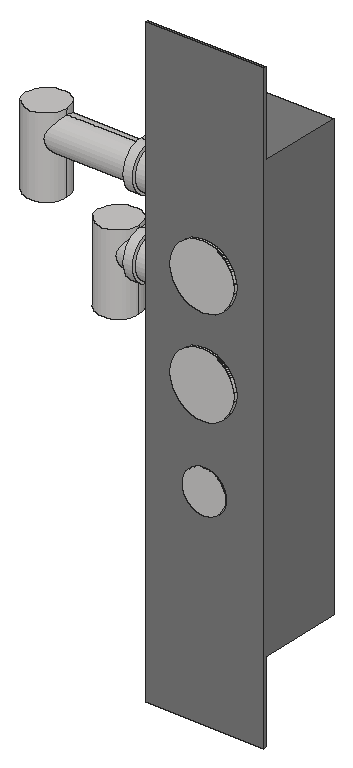
Revit family "5300", category Generic Models, Revit 2021
Family settings
  Can host rebar = No
  Round Connector Dimension = Use Diameter
  Part Type = Normal
  Work Plane-Based = No
  Always vertical = Yes
  Cut with Voids When Loaded = No
  Shared = No
  Room Calculation Point = No
Parameters
  e-mail = "info@vola.com"
  URL = "http://vola.com"
  Telephone = "+45 7023 5500"
  Quality management standard = "ISO 9001"
  Organisation no. / DUNS no. = "17531328"
  Occupational health and safety management standard = "ISO 18001"
  Mounting Instructions = "http://vola.com/service/producturl.ashx?name=5300"
  Model = "5300"
  Materials and components information = "http://vola.com/service/producturl.ashx?name=5300"
  Manufacturer = "VOLA A/S"
  Maintenance Instructions = "http://vola.com/service/producturl.ashx?name=5300"
  Guarantee = "2 years"
  Flow = "43,00 l/min"
  Environmental management standard = "ISO 14000"
  Default Elevation = 0.00 mm
  Connection - All relevant connections = ""
  Approvals = "http://vola.com/service/producturl.ashx?name=5300"
Reference planes
  plane 1 "Center (Front/Back)": y = 0
  plane 2: z = 0
  plane 3 "Center (Left/Right)": x = 0
  plane 4 "Front Plane": y = -72.5
  plane 5 "Inlet Center Plane": y = -25
  plane 6: x = 26.42
Forms (mm)
  Extrusion 1, solid, material "Stainless Steel"
    sketch origin (95.42, 0, 132) x (0, 0, 1) y (-1, 0, 0)
      loop
        circle (39, 69) r 26
    from 70.5 to 72.5
  Extrusion 2, solid, material "Default"
    sketch origin (95.42, 0, 39) x (0, 0, 1) y (0, 1, 0)
      loop
        line (-127.5, 0) -> (-127.5, -68) -> (230.5, -68) -> (230.5, 0) -> (-127.5, 0)
    from 21.5 to 116.5
  Extrusion 3, solid, material "Default"
    sketch origin (95.42, 0, 39) x (0, 0, 1) y (0, 1, 0)
      loop
        line (-192.5, -68) -> (-192.5, -70.5) -> (298, -70.5) -> (298, -68) -> (-192.5, -68)
    from 21.5 to 116.5
  Extrusion 4, solid, material "Stainless Steel"
    sketch origin (-21.08, -2.5, 215) x (0, 0, -1) y (0, -1, 0)
      loop
        circle (12, 25) r 16.5
    from 0 to 29.77
  Extrusion 5, solid, material "Stainless Steel"
    sketch origin (-21.08, -2.5, 151) x (0, 0, -1) y (0, -1, 0)
      loop
        circle (12, 25) r 16.5
    from 0 to 29.77
  Extrusion 6, solid, material "Stainless Steel"
    sketch origin (-50.85, -2.5, 215) x (0, 0, -1) y (0, -1, 0)
      loop
        circle (12, 25) r 18.5
    from 0 to 7.73
  Extrusion 7, solid, material "Stainless Steel"
    sketch origin (-50.85, -2.5, 151) x (0, 0, -1) y (0, -1, 0)
      loop
        circle (12, 25) r 18.5
    from 0 to 7.73
  Extrusion 8, solid, material "Stainless Steel"
    sketch origin (-58.58, -2.5, 215) x (0, 0, -1) y (0, -1, 0)
      loop
        circle (12, 25) r 14
    from 0 to 76.5
  Extrusion 9, solid, material "Stainless Steel"
    sketch origin (-58.58, -2.5, 151) x (0, 0, -1) y (0, -1, 0)
      loop
        circle (12, 25) r 14
    from 0 to 18.5
  Extrusion 10, solid, material "Stainless Steel"
    sketch origin (48.34, 0, 216.25) x (-1, 0, 0) y (0, -1, 0)
      loop
        circle (125.42, 27.5) r 16.5
    from -122.75 to -58.75
  Extrusion 11, solid, material "Stainless Steel"
    sketch origin (-9.66, 0, 275.75) x (-1, 0, 0) y (0, -1, 0)
      loop
        circle (125.42, 27.5) r 16.5
    from -118.25 to -54.25
  Extrusion 12, solid, material "Stainless Steel"
    sketch origin (95.42, 0, 54) x (0, 0, 1) y (-1, 0, 0)
      loop
        circle (39, 69) r 26
    from 70.5 to 72.5
  Extrusion 13, solid, material "Stainless Steel"
    sketch origin (95.42, 0, -24) x (0, 0, 1) y (-1, 0, 0)
      loop
        circle (39, 69) r 17.5
    from 70.5 to 70.76
Cuts and joins
  joined: Extrusion 2, Extrusion 3
  joined: Extrusion 8, Extrusion 11
  joined: Extrusion 9, Extrusion 10
Lines and regions (mm)
  reference lines
    curve 1: line (26.42, -25, 15) -> (26.42, -122.5, 15)
    curve 2: line (26.42, -25, 93) -> (26.42, -122.5, 93)
    curve 3: line (26.42, -25, 171) -> (26.42, -122.5, 171)
    curve 4: line (-77.08, -27.5, 157.5) -> (-77.08, -27.5, 27.5)
    curve 5: line (-135.08, -27.5, 221.5) -> (-135.08, -27.5, 91.5)
Dimensions and locks
  aligned and locked: plane 2 to level
  aligned and locked: Extrusion 2 to Extrusion 3
  aligned and locked: Extrusion 3 to Extrusion 2
